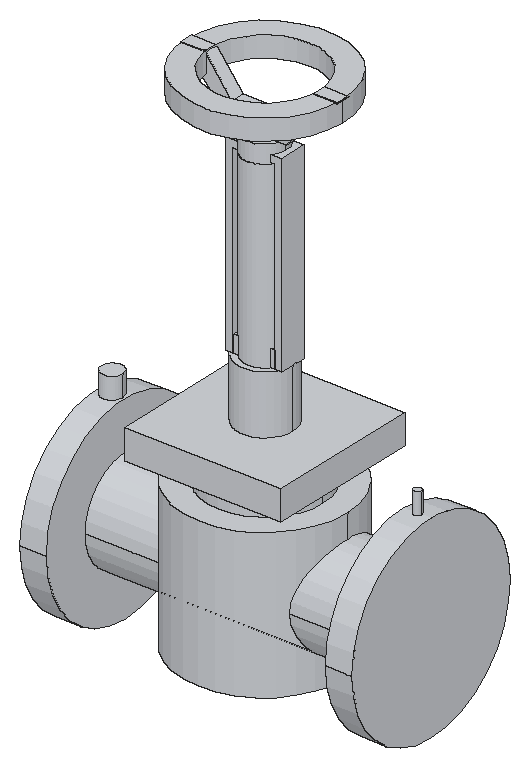
Revit family "Sigma_Compact_DN150-LF_PN16_RFA_2018", category Pipe Accessories, Revit 2018
Family settings
  Round Connector Dimension = Use Diameter
  Part Type = Valve - Breaks Into
  Work Plane-Based = No
  Always vertical = Yes
  Cut with Voids When Loaded = No
  Shared = No
Parameters (values of type "Sigma Compact DN 150 LF PN16")
  magiProductId = "cb5ac98de80a46389b4a96eb8539c2"
  magiProductFamilyId = "111bdfd32e424cd9a1e5f1ca7ea2b6"
  magiPartTypeId = 304
  isMeasuringValve [instance] = no
  ang2D [instance] = 0.00°
  W2D = 50 mm
  VersionID = "2.0/2018.12.13.2/FRESE_SIGMA_C_BIG_Q13_001"
  Use Minimum Symbol Size [instance] = no
  URL = "www.hydronix.cz"
  Type Comments = "přírubový; PN16; max dp=800kPa; 0~+110°C; max uzavírací tlak 1MPa"
  R4 = 84 mm
  R3 = 74.1 mm
  R1 = 120 mm
  QmdConnectorList = "301;D;302;D"
  Productdata [instance] = ""
  Manufacturer = "Hydronix"
  Maintenance Zone Under Depth [instance] = 100 mm
  Maintenance Zone Right Depth [instance] = 100 mm
  Maintenance Zone Over Depth [instance] = 100 mm
  Maintenance Zone Left Depth [instance] = 100 mm
  Maintenance Zone Front Depth [instance] = 100 mm
  Maintenance Zone Back Depth [instance] = 100 mm
  Maintenance Zone Front Visibility [instance] = no
  MC Use Limits From Balancing Method = no
  MC Throttling Minimum Value = 0
  MC Throttling Maximum Value = 0
  MC Product Code = "53-2405 DN150; PN16; (25600-148000 l/h); kvs=250"
  MC Pressure Drop Minimum Value = 0.0 Pa
  MC Pressure Drop Maximum Value = 0.0 Pa
  MC Piping Given Pressure Drop [instance] = 0.0 Pa
  LF__ve = -LF  # -38.4 mm
  LF2 = 19.2 mm
  LF = 38.4 mm
  L432 = 39.48 mm
  L43 = 78.96 mm
  L42 = 112.8 mm
  L4 = 225.6 mm
  L3 = 403.2 mm
  L2D_Min = 30.48 mm
  L2D = 230 mm
  L2 = 240 mm
  HH12 = 13 mm
  HH1 = 26 mm
  HDF__ve = -HDF  # -391 mm
  HDF = 391 mm
  H6 = 85 mm
  H4 = 42.75 mm
  H3 = 35.625 mm
  H2 = 106.875 mm
  H11 = 213.75 mm
  H1 = 782 mm
  H = 676 mm
  Description = "Automatický vyvažovací ventil"
  DF2 = 142.5 mm
  D = 150 mm
  Clearance Zone Height Depth [instance] = 100 mm
  Clearance Zone Circular Radius [instance] = 240 mm
  Clearance Zone Visibility [instance] = no
  CAT0 = yes
Types (9, lengths in mm): name | magiProductId | Type Comments | R4 | R3 | R1 | MC Product Code | LF__ve | LF2 | LF | L432 | L43 | L42 | L4 | L3 | L2 | HH12 | HH1 | HDF__ve | HDF | H4 | H3 | H2 | H11 | H1 | H | DF2 | D | Clearance Zone Circular Radius
  Sigma Compact DN 050 LF PN16 | "7ce002c265594233b83d195dc264f1" | "přírubový; PN16; max dp=800kPa; 0~+120°C; max uzavírací tlak 1MPa" | 40.25 | 42.9 | 57.5 | "53-2400 DN50; PN16; (2480-15000 l/h); kvs=34" | -18.4 | 9.2 | 18.4 | 18.917 | 37.835 | 54.05 | 108.1 | 193.2 | 115 | 16.5 | 33 | -202 | 202 | 24.75 | 20.625 | 61.875 | 123.75 | 480 | 367 | 82.5 | 50 | 115
  Sigma Compact DN 065 LF PN16 | "7b440009bc83499eb1c9a6fd3b4fee" | "přírubový; PN16; max dp=800kPa; 0~+120°C; max uzavírací tlak 1MPa" | 50.75 | 48.1 | 72.5 | "53-2401 DN65; PN16; (4380-25000 l/h); kvs=50" | -23.2 | 11.6 | 23.2 | 23.853 | 47.705 | 68.15 | 136.3 | 243.6 | 145 | 16.5 | 33 | -199 | 199 | 27.75 | 23.125 | 69.375 | 138.75 | 497 | 384 | 92.5 | 65 | 145
  Sigma Compact DN 080 LF PN16 | "c04670cd33374e61a046fccc79a79b" | "přírubový; PN16; max dp=800kPa; 0~+120°C; max uzavírací tlak 1MPa" | 54.25 | 52 | 77.5 | "53-2402 DN80; PN16; (5340-34000 l/h); kvs=68" | -24.8 | 12.4 | 24.8 | 25.497 | 50.995 | 72.85 | 145.7 | 260.4 | 155 | 16.5 | 33 | -213 | 213 | 30 | 25 | 75 | 150 | 526 | 413 | 100 | 80 | 155
  Sigma Compact DN 100 LF PN16 | "e9669c3b3cb042d39f52f9a3f8394b" | "přírubový; PN16; max dp=800kPa; 0~+120°C; max uzavírací tlak 1MPa" | 61.25 | 61.1 | 87.5 | "53-2403 DN100; PN16; (12100-68000 l/h); kvs=115" | -28 | 14 | 28 | 28.788 | 57.575 | 82.25 | 164.5 | 294 | 175 | 34 | 68 | -331 | 331 | 35.25 | 29.375 | 88.125 | 176.25 | 714 | 566 | 117.5 | 100 | 175
  Sigma Compact DN 125 LF PN16 | "72414964175c4f3999d5daaa67221e" | "přírubový; PN16; max dp=800kPa; 0~+120°C; max uzavírací tlak 1MPa" | 70 | 70.2 | 100 | "53-2404 DN125; PN16; (18500-110000 l/h); kvs=186" | -32 | 16 | 32 | 32.9 | 65.8 | 94 | 188 | 336 | 200 | 36.5 | 73 | -338 | 338 | 40.5 | 33.75 | 101.25 | 202.5 | 761 | 608 | 135 | 125 | 200
  Sigma Compact DN 150 LF PN16 | "cb5ac98de80a46389b4a96eb8539c2" | "přírubový; PN16; max dp=800kPa; 0~+110°C; max uzavírací tlak 1MPa" | 84 | 74.1 | 120 | "53-2405 DN150; PN16; (25600-148000 l/h); kvs=250" | -38.4 | 19.2 | 38.4 | 39.48 | 78.96 | 112.8 | 225.6 | 403.2 | 240 | 13 | 26 | -391 | 391 | 42.75 | 35.625 | 106.875 | 213.75 | 782 | 676 | 142.5 | 150 | 240
  Sigma Compact DN 200 LF PN16 | "bd9983fcf82240be8b5626661ef83b" | "přírubový; PN16; max dp=800kPa; 0~+110°C; max uzavírací tlak 1MPa" | 105 | 98.8 | 150 | "53-2406 DN200; PN16; (95000-210000 l/h); kvs=371" | -48 | 24 | 48 | 49.35 | 98.7 | 141 | 282 | 504 | 300 | 29.5 | 59 | -334 | 334 | 57 | 47.5 | 142.5 | 285 | 853 | 714 | 190 | 200 | 300
  Sigma Compact DN 250 LF PN16 | "6516628c9ce0481f89e5702e575104" | "přírubový; PN16; max dp=800kPa; 0~+110°C; max uzavírací tlak 1MPa" | 127.75 | 115.44 | 182.5 | "53-2407 DN250; PN16; (190000-475000 l/h); kvs=803" | -58.4 | 29.2 | 58.4 | 60.042 | 120.085 | 171.55 | 343.1 | 613.2 | 365 | 29 | 58 | -462 | 462 | 66.6 | 55.5 | 166.5 | 333 | 1044 | 906 | 222 | 250 | 365
  Sigma Compact DN 300 LF PN16 | "f16ecb3a8ad443e99405ecd1e4779a" | "přírubový; PN16; max dp=800kPa; 0~+110°C; max uzavírací tlak 1MPa" | 148.75 | 135.2 | 212.5 | "53-2408 DN300; PN16; (190000-475000 l/h); kvs=803" | -68 | 34 | 68 | 69.912 | 139.825 | 199.75 | 399.5 | 714 | 425 | 29 | 58 | -424 | 424 | 78 | 65 | 195 | 390 | 1082 | 944 | 260 | 300 | 425
Reference planes
  plane 1 "Center (Front/Back)": y = 0
  plane 2 "XYPLANE": z = 0
  plane 3 "Center (Left/Right)": x = 0
  plane 4 "298": y = -242.5
  plane 5 "297": y = 242.5
  plane 6 "296": y = -142.5
  plane 7 "295": y = 142.5
  plane 8 "294": z = -242.5
  plane 9 "293": z = 739.5
  plane 10 "292": x = -340
  plane 11 "291": x = 340
  plane 12 "290": z = 739.5
  plane 13 "256": y = -20
  plane 14 "254": z = 536.5
  plane 15 "253": z = 546.5
  plane 16 "252": x = -40
  plane 17 "251": x = -30
  plane 18 "250": x = 40
  plane 19 "249": x = 30
  plane 20 "247": z = 270.25
  plane 21 "244": z = 533.5
  plane 22 "243": x = 112.8
  plane 23 "242": x = 78.96
  plane 24 "241": x = 39.48
  plane 25 "240": y = -10
  plane 26 "238": x = -39.48
  plane 27 "237": x = -78.96
  plane 28 "236": z = 559.5
  plane 29 "235": z = 589.5
  plane 30 "234": x = -112.8
  plane 31 "225": z = 639.5
  plane 32 "224": z = -142.5
  plane 33 "157": x = 220.8
  plane 34 "156": x = -220.8
  plane 35 "155": z = 142.5
  plane 36 "154": z = 185.25
  plane 37 "153": z = 142.5
  plane 38 "152": z = 106.875
  plane 39 "151": x = -201.6
  plane 40 "150": z = -106.875
  plane 41 "149": x = 0
  plane 42 "148": y = 0
  plane 43 "147": z = 0
  plane 44 "146": x = -240
  plane 45 "145": x = 240
Forms (mm)
  Blend 1, solid, visible <- "Maintenance Zone Front Visibility"
    base sketch origin (-750, 0, 739.5) x (1, 0, 0) y (0, 1, 0)
      loop
        line (410, 242.5) -> (410, -242.5) -> (1090, -242.5) -> (1090, 242.5) -> (410, 242.5)
    top sketch origin (-750, 0, 739.5) x (1, 0, 0) y (0, 1, 0)
      loop
        line (410, 242.5) -> (410, -242.5) -> (1090, -242.5) -> (1090, 242.5) -> (410, 242.5)
    from 0 to -982
  Blend 2, solid, visible <- "Clearance Zone Visibility"
    base sketch origin (-750, 0, 0) x (1, 0, 0) y (0, 1, 0)
      loop
        circle (750, 0) r 240
    top sketch origin (-750, 0, 0) x (1, 0, 0) y (0, 1, 0)
      loop
        circle (750, 0) r 240
    from 0 to 739.5
  Extrusion 3, solid
    sketch origin (-750, 0, 533.5) x (1, 0, 0) y (0, 1, 0)
      loop
        circle (750, 0) r 30.562
    from 0 to -391 <- "HDF__ve"
  Extrusion 4, solid
    sketch origin (-750, 0, 270.25) x (1, 0, 0) y (0, 1, 0)
      loop
        line (780, 20) -> (720, 20) -> (720, -20) -> (780, -20) -> (780, 20)
    from 0 to 25
  Extrusion 5, solid
    sketch origin (750, -20, 0) x (-1, 0, 0) y (0, 0, 1)
      loop
        line (790, 270.25) -> (790, 546.5) -> (710, 546.5) -> (710, 270.25) -> (720, 270.25) -> (720, 536.5) -> (780, 536.5) -> (780, 270.25) -> (790, 270.25)
    from 0 to 40
  Extrusion 6, solid
    sketch origin (-750, 0, 270.25) x (1, 0, 0) y (0, 1, 0)
      loop
        circle (750, 0) r 25
    from 0 to 30
  Extrusion 7, solid
    sketch origin (750, -10, 0) x (-1, 0, 0) y (0, 0, 1)
      loop
        line (828.96, 639.5) -> (789.48, 589.5) -> (750, 589.5) -> (750, 559.5) -> (789.48, 559.5) -> (862.8, 639.5) -> (828.96, 639.5)
    from 0 to 20
  Extrusion 8, solid
    sketch origin (750, -10, 0) x (-1, 0, 0) y (0, 0, 1)
      loop
        line (671.04, 639.5) -> (637.2, 639.5) -> (710.52, 559.5) -> (750, 559.5) -> (750, 589.5) -> (710.52, 589.5) -> (671.04, 639.5)
    from 0 to 20
  Extrusion 9, solid
    sketch origin (-750, 0, 533.5) x (1, 0, 0) y (0, 1, 0)
      loop
        circle (750, 0) r 30.562
    from 0 to 26 <- "HH1"
  Extrusion 10, solid
    sketch origin (-750, 0, 639.5) x (1, 0, 0) y (0, 1, 0)
      loop
        circle (750, 0) r 112.8
      loop
        circle (750, 0) r 78.96
    from 0 to -30
  Extrusion 11, solid, visible <- "CAT0"
    sketch origin (-750, 0, 142.5) x (1, 0, 0) y (0, 1, 0)
      loop
        circle (970.8, 0) r 5.5
    from 0 to 30
  Extrusion 12, solid, visible <- "CAT0"
    sketch origin (-750, 0, 142.5) x (1, 0, 0) y (0, 1, 0)
      loop
        circle (529.2, 0) r 15.5
    from 0 to 30
  Extrusion 13, solid, visible <- "CAT0"
    sketch origin (-750, 0, 185.25) x (1, 0, 0) y (0, 1, 0)
      loop
        circle (750, 0) r 40.562
    from 0 to 85 <- "H6"
  Extrusion 14, solid, visible <- "CAT0"
    sketch origin (-750, 0, 142.5) x (1, 0, 0) y (0, 1, 0)
      loop
        line (862.8, 112.8) -> (637.2, 112.8) -> (637.2, -112.8) -> (862.8, -112.8) -> (862.8, 112.8)
    from 0 to 42.75 <- "H4"
  Extrusion 15, solid, visible <- "CAT0"
    sketch origin (-750, 0, 106.875) x (1, 0, 0) y (0, 1, 0)
      loop
        circle (750, 0) r 84
    from 0 to 35.625 <- "H3"
  Extrusion 16, solid, visible <- "CAT0"
    sketch origin (-201.6, -750, 0) x (0, 1, 0) y (0, 0, 1)
      loop
        circle (750, 0) r 74.1
    from 0 to 403.2 <- "L3"
  Extrusion 17, solid, visible <- "CAT0"
    sketch origin (-750, 0, -106.875) x (1, 0, 0) y (0, 1, 0)
      loop
        circle (750, 0) r 120
    from 0 to 213.75 <- "H11"
  Extrusion 18, solid, visible <- "CAT0"
    sketch origin (-240, -750, 0) x (0, 1, 0) y (0, 0, 1)
      loop
        circle (750, 0) r 142.5
    from 0 to 38.4 <- "LF"
  Extrusion 19, solid, visible <- "CAT0"
    sketch origin (240, -750, 0) x (0, 1, 0) y (0, 0, 1)
      loop
        circle (750, 0) r 142.5
    from 0 to -38.4 <- "LF__ve"
  Extrusion 20, solid, not visible
    sketch origin (-240, -750, 0) x (0, 1, 0) y (0, 0, 1)
      loop
        circle (750, 0) r 10
    from 0 to 10
  Extrusion 21, solid, not visible
    sketch origin (240, -750, 0) x (0, 1, 0) y (0, 0, 1)
      loop
        circle (750, 0) r 10
    from 0 to -10
Lines and regions (mm)
  reference lines, not visible
    curve 1: circle (2, 2, 0) r 1 normal (0, 0, 1)
  reference lines
    curve 2: circle (0, 0, 142.5) r 1 normal (0, 0, 1)
Dimensions and locks
  plane 1 "Center (Front/Back)" to curve 1 = 2 mm
  "Maintenance Zone Front Depth": plane 6 "296" to plane 4 "298"
  "Maintenance Zone Back Depth": plane 7 "295" to plane 5 "297"
  "DF2": plane 42 "148" to plane 6 "296"
  "DF2": plane 42 "148" to plane 7 "295"
  "Maintenance Zone Under Depth": plane 32 "224" to plane 8 "294"
  "Maintenance Zone Over Depth": plane 31 "225" to plane 9 "293"
  "Maintenance Zone Left Depth": plane 44 "146" to plane 10 "292"
  "Maintenance Zone Right Depth": plane 45 "145" to plane 11 "291"
  "Clearance Zone Height Depth": plane 31 "225" to plane 12 "290"
  locked: plane 25 "240" to plane 13 "256" at 10
  locked: plane 15 "253" to plane 14 "254" at 10
  "HH12": plane 21 "244" to plane 15 "253"
  locked: plane 17 "251" to plane 16 "252" at 10
  locked: plane 41 "149" to plane 17 "251" at 30
  locked: plane 19 "249" to plane 18 "250" at 10
  locked: plane 41 "149" to plane 19 "249" at 30
  "H6": plane 36 "154" to plane 20 "247"
  "H": plane 32 "224" to plane 21 "244"
  "L42": plane 41 "149" to plane 22 "243"
  "L43": plane 41 "149" to plane 23 "242"
  "L432": plane 41 "149" to plane 24 "241"
  locked: plane 42 "148" to plane 25 "240" at 10
  "L432": plane 41 "149" to plane 26 "238"
  "L43": plane 41 "149" to plane 27 "237"
  locked: plane 29 "235" to plane 28 "236" at 30
  locked: plane 31 "225" to plane 29 "235" at 50
  "L42": plane 41 "149" to plane 30 "234"
  "H1": plane 32 "224" to plane 31 "225"
  "DF2": plane 2 "XYPLANE" to plane 32 "224"
  "LF2": plane 45 "145" to plane 33 "157"
  "LF2": plane 44 "146" to plane 34 "156"
  "DF2": plane 2 "XYPLANE" to plane 35 "155"
  "H4": plane 37 "153" to plane 36 "154"
  "H3": plane 38 "152" to plane 37 "153"
  "H11": plane 40 "150" to plane 38 "152"
  "LF": plane 44 "146" to plane 39 "151"
  "H2": plane 2 "XYPLANE" to plane 40 "150"
  locked: plane 3 "Center (Left/Right)" to plane 41 "149"
  locked: plane 1 "Center (Front/Back)" to plane 42 "148"
  locked: plane 2 "XYPLANE" to plane 43 "147"
  "L2": plane 3 "Center (Left/Right)" to plane 44 "146"
  "L2": plane 3 "Center (Left/Right)" to plane 45 "145"
  Blend 1 sketch curve to Blend 1 sketch curve = 0 mm  (x16)
  Extrusion 4 sketch curve to Extrusion 4 sketch curve = 0 mm  (x8)
  Extrusion 5 sketch curve to Extrusion 5 sketch curve = 0 mm  (x16)
  Extrusion 7 sketch curve to Extrusion 7 sketch curve = 0 mm  (x12)
  Extrusion 8 sketch curve to Extrusion 8 sketch curve = 0 mm  (x12)
  equal spacing: Extrusion 14 sketch curve, curve 2, Extrusion 14 sketch curve  (x2)
  "L4": Extrusion 14 sketch curve to Extrusion 14 sketch curve  (x2)
  Extrusion 14 sketch curve to Extrusion 14 sketch curve = 0 mm  (x8)
  "Clearance Zone Circular Radius": radius of Blend 2 sketch curve  (x2)
  "L42": radius of Extrusion 10 sketch curve
  "L43": radius of Extrusion 10 sketch curve
  "R4": radius of Extrusion 15 sketch curve
  "R3": radius of Extrusion 16 sketch curve
  "R1": radius of Extrusion 17 sketch curve
  "DF2": radius of Extrusion 18 sketch curve
  "DF2": radius of Extrusion 19 sketch curve
  aligned and locked: level to plane 2 "XYPLANE"
  aligned and locked: Blend 1 sketch curve to plane 5 "297"  (x2)
  aligned and locked: plane 10 "292" to Blend 1 sketch curve  (x4)
  aligned and locked: plane 11 "291" to Blend 1 sketch curve  (x4)
  aligned and locked: plane 5 "297" to Blend 1 sketch curve  (x2)
  aligned and locked: plane 4 "298" to Blend 1 sketch curve  (x4)
  aligned and locked: Blend 1 to plane 8 "294"
  aligned and locked: plane 41 "149" to Blend 2 sketch curve  (x2)
  aligned and locked: plane 42 "148" to Blend 2 sketch curve  (x2)
  aligned and locked: plane 12 "290" to Blend 2
  aligned and locked: plane 41 "149" to Extrusion 3 sketch curve
  aligned and locked: plane 42 "148" to Extrusion 3 sketch curve
  aligned and locked: Extrusion 5 sketch curve to plane 16 "252"
  aligned and locked: plane 20 "247" to Extrusion 5 sketch curve  (x4)
  aligned and locked: plane 15 "253" to Extrusion 5 sketch curve  (x2)
  aligned and locked: plane 16 "252" to Extrusion 5 sketch curve
  aligned and locked: plane 18 "250" to Extrusion 5 sketch curve  (x2)
  aligned and locked: plane 19 "249" to Extrusion 5 sketch curve  (x2)
  aligned and locked: plane 14 "254" to Extrusion 5 sketch curve  (x2)
  aligned and locked: plane 17 "251" to Extrusion 5 sketch curve  (x2)
  aligned and locked: plane 41 "149" to Extrusion 6 sketch curve
  aligned and locked: plane 42 "148" to Extrusion 6 sketch curve
  aligned and locked: plane 27 "237" to Extrusion 7 sketch curve
  aligned and locked: plane 31 "225" to Extrusion 7 sketch curve  (x2)
  aligned and locked: plane 26 "238" to Extrusion 7 sketch curve  (x2)
  aligned and locked: plane 29 "235" to Extrusion 7 sketch curve  (x2)
  aligned and locked: plane 41 "149" to Extrusion 7 sketch curve  (x2)
  aligned and locked: plane 28 "236" to Extrusion 7 sketch curve  (x2)
  aligned and locked: plane 30 "234" to Extrusion 7 sketch curve
  aligned and locked: plane 23 "242" to Extrusion 8 sketch curve
  aligned and locked: plane 31 "225" to Extrusion 8 sketch curve  (x2)
  aligned and locked: plane 24 "241" to Extrusion 8 sketch curve  (x2)
  aligned and locked: plane 29 "235" to Extrusion 8 sketch curve  (x2)
  aligned and locked: plane 41 "149" to Extrusion 8 sketch curve  (x2)
  aligned and locked: plane 28 "236" to Extrusion 8 sketch curve  (x2)
  aligned and locked: plane 22 "243" to Extrusion 8 sketch curve
  aligned and locked: plane 41 "149" to Extrusion 9 sketch curve
  aligned and locked: plane 42 "148" to Extrusion 9 sketch curve
  aligned and locked: plane 41 "149" to Extrusion 10 sketch curve  (x2)
  aligned and locked: plane 42 "148" to Extrusion 10 sketch curve  (x2)
  aligned and locked: plane 33 "157" to Extrusion 11 sketch curve
  aligned and locked: plane 42 "148" to Extrusion 11 sketch curve
  aligned and locked: plane 34 "156" to Extrusion 12 sketch curve
  aligned and locked: plane 42 "148" to Extrusion 12 sketch curve
  aligned and locked: plane 41 "149" to Extrusion 13 sketch curve
  aligned and locked: plane 42 "148" to Extrusion 13 sketch curve
  aligned and locked: plane 41 "149" to curve 2
  aligned and locked: plane 42 "148" to curve 2
  aligned and locked: plane 41 "149" to Extrusion 15 sketch curve
  aligned and locked: plane 42 "148" to Extrusion 15 sketch curve
  aligned and locked: Extrusion 16 sketch curve to plane 42 "148"
  aligned and locked: plane 43 "147" to Extrusion 16 sketch curve
  aligned and locked: plane 41 "149" to Extrusion 17 sketch curve
  aligned and locked: plane 42 "148" to Extrusion 17 sketch curve
  aligned and locked: Extrusion 18 sketch curve to plane 42 "148"
  aligned and locked: plane 43 "147" to Extrusion 18 sketch curve
  aligned and locked: Extrusion 19 sketch curve to plane 42 "148"
  aligned and locked: plane 43 "147" to Extrusion 19 sketch curve
  aligned and locked: Extrusion 20 sketch curve to plane 42 "148"
  aligned and locked: plane 43 "147" to Extrusion 20 sketch curve
  aligned and locked: Extrusion 21 sketch curve to plane 42 "148"
  aligned and locked: plane 43 "147" to Extrusion 21 sketch curve
Automatic sketch dimensions
  plane 26 "238" to Extrusion 3 sketch curve = 8.917 mm
  Extrusion 4 sketch curve to plane 17 "251" = 0 mm
  Extrusion 4 sketch curve to plane 13 "256" = 0 mm
  Extrusion 4 sketch curve to plane 19 "249" = 0 mm
  Extrusion 4 sketch curve to plane 1 "Center (Front/Back)" = 20 mm
  plane 17 "251" to Extrusion 6 sketch curve = 5 mm
  plane 26 "238" to Extrusion 9 sketch curve = 8.917 mm
  Extrusion 11 sketch curve to plane 33 "157" = 5.5 mm
  plane 44 "146" to Extrusion 12 sketch curve = 3.7 mm
  Extrusion 13 sketch curve to plane 26 "238" = 1.083 mm
  Extrusion 20 sketch curve to plane 25 "240" = 0 mm
  Extrusion 21 sketch curve to plane 25 "240" = 0 mm
  plane 3 "Center (Left/Right)" to curve 1 = 2 mm
  Extrusion 14 sketch curve to plane 30 "234" = 0 mm
  plane 6 "296" to Extrusion 14 sketch curve = 29.7 mm
  radius of curve 2 = 1 mm
  radius of curve 1 = 1 mm
Connectors
  piping at (-240, 0, 0), diameter 150, driven by "D"
    settings: on Extrusion 20, index 1, connector inside diameter 609.6 mm, connector length 0 mm, flow factor 0, pipe flow 0.0 L/s, pressure drop 0.0 Pa, fitting loss kfactor 0, connector angle 0.00°, fixture units 0, engagement length 0 mm, angle of deflection 0.00°, flow configuration 0, flow direction 0, fitting loss method 0, system type 29, joint type 0, gender type 0, connector reference index 2, connector utility 0, adjustable connector no, is connector primary yes, connector description ""
  piping at (240, 0, 0), diameter 150, driven by "D"
    settings: on Extrusion 21, index 2, connector inside diameter 609.6 mm, connector length 0 mm, flow factor 0, pipe flow 0.0 L/s, pressure drop 0.0 Pa, fitting loss kfactor 0, connector angle 0.00°, fixture units 0, engagement length 0 mm, angle of deflection 0.00°, flow configuration 0, flow direction 0, fitting loss method 0, system type 29, joint type 0, gender type 0, connector reference index 1, connector utility 0, adjustable connector no, is connector primary no, connector description ""
